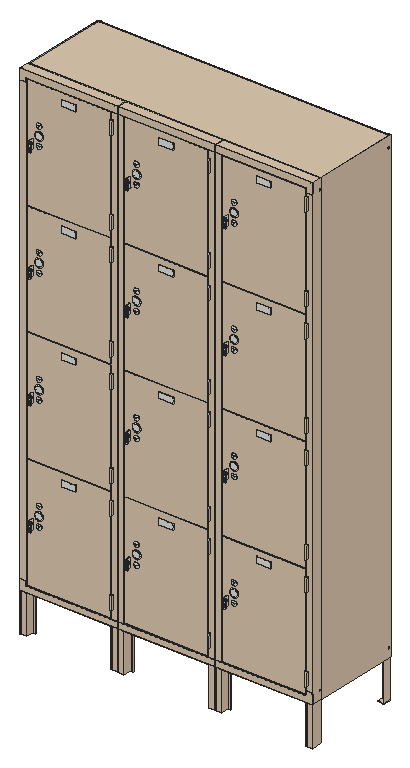
Revit family "Metal_Vented_Lockers-Salsbury_Industries-84000_Series-3_Wide_Units", category Specialty Equipment, Revit 2016
Family settings
  Part Type = Normal
  Round Connector Dimension = Use Diameter
  OmniClass Number = 23.40.00.00
  OmniClass Title = Equipment and Furnishings
  Work Plane-Based = No
  Always vertical = Yes
  Cut with Voids When Loaded = No
  Shared = No
  Room Calculation Point = No
Parameters (values of type "84365 - with Standard 6" High Legs")
  Zee Base Corner - Right Side [instance] = Metal Locker Zee Base Corner : None
  Zee Base Corner - Left Side [instance] = Metal Locker Zee Base Corner : None
  Zee Base - Right Side [instance] = Metal Locker Zee Base-Right Side : None
  Zee Base - Left Side [instance] = Metal Locker Zee Base-Left Side : None
  Zee Base = Metal Locker Zee Base - 3 Wide : None
  Width = 45.040"
  Version = "2.0 (02/28/18)"
  Vent Offset = if(Depth = 15.010", 3.500", if(Depth = 18.010", 3.750", 0.000"))  # 3.500"
  Vent Configuration Height = Vents : 6 foot high vents
  Vent Array Spacing = 1.187"
  Vent Array 2 = if(Depth = 15.010", 7, if(Depth = 18.010", 9, 0))  # 7
  Vent Array 1 = Vent Array 2 + 1  # 8
  Unit Height including Sloping Hood Only [instance] = 80.682"
  Unit Height = 72.000"
  URL = "www.lockers.com"
  Type Comments = "15\" Wide Vented Metal Locker - Four Tier"
  Total Door(s) Height [instance] = 69.81949"
  Sloping Top In-Line Filler - Right Side [instance] = Metal Locker Sloping Top Filler : None
  Sloping Top In-Line Filler - Left Side [instance] = Metal Locker Sloping Top Filler : None
  Sloping Top Corner Filler - Right Side [instance] = Metal Locker Sloping Corner Filler : None
  Sloping Top Corner Filler - Left Side [instance] = Metal Locker Sloping Corner Filler : None
  Sloping Hood Height = if(Depth = 15.010", 8.682", if(Depth = 18.010", 10.739", 0.000"))  # 8.682"
  Sloping Hood [instance] = Metal Locker Sloping Hood : None
  Compartment Divider Height = Individual Door Height - 0.375"  # 16.985"
  Right Side Base [instance] = Metal Locker Right Side Base : None
  Primary Structure Material [instance] = Paint - Salsbury Finish - Tan
  Overall Width including Rivets [instance] = 45.120"
  Unit Height including Base Only [instance] = 78.000"
  Overall Unit Height (including Base and Sloping Hood) [instance] = 86.682"
  OmniClass 23 Title = "Equipment and Furnishings"
  OmniClass 23 Number = "23.40.00.00"
  Model = "84365"
  MasterFormat Title = "Lockers"
  MasterFormat Number = "10 51 13"
  Manufacturer = "Salsbury Industries"
  Left Side Base [instance] = Metal Locker Left Side Base : None
  Individual Door Height = 17.360"
  Hasp Plate Rivet Material = Steel -Salsbury Finish - Polished Steel
  Hasp Handle Material = Plastic - Salsbury Finish - Black
  Front Vertical Filler - Right [instance] = Metal Locker Front Filler : None
  Front Vertical Filler - Left [instance] = Metal Locker Front Filler : None
  Front Base [instance] = Metal Locker Front Base : None
  Flat Top In-Line Filler - Right Side [instance] = Metal Locker Flat Top Filler : None
  Flat Top In-Line Filler - Left Side [instance] = Metal Locker Flat Top Filler : None
  Flat Top Corner Filler - Right Side [instance] = Metal Locker Flat Corner Filler : None
  Flat Top Corner Filler - Left Side [instance] = Metal Locker Flat Corner Filler : None
  Individual Door Width [instance] = 9.90055"
  End Panel - Right Side [instance] = Metal Locker End Panel : None
  End Panel - Left Side [instance] = Metal Locker End Panel : None
  Door Location D1 = Vented Metal Locker Doors-15 inch with Latch Hasp : Four Tier Door - 6 foot
  Description = "3 Wide - 6 Feet High - 15 Inches Deep"
  Depth = 15.010"
  Base Height = 6.000"
  Standard Leg Base = Metal Locker Legs - 3 Wide : 6" High - 45"W x 15"D
  Assembly Code = "C1030310"
Reference planes (in)
  plane 1 "Center (Front/Back)": y = 0
  plane 2: z = 0
  plane 3 "Center (Left/Right)": x = 0
  plane 4 "Floor": z = 0
  plane 5 "Bottom of Unit": z = 6
  plane 6 "Top of Unit": z = 78
  plane 7 "Left Side of Unit": x = -18.02
  plane 8 "Right Side of Unit": x = 27.02
  plane 9 "Back of Unit": y = 7.505
  plane 10 "Front of Unit": y = -7.505
  plane 11 "Top of Sloping Hood": z = 86.682
  plane 12 "Left Rivet": x = -18.06
  plane 13 "Right Rivet": x = 27.06
  plane 14 "Right Side of Door Opening": x = 26.02
  plane 15 "Left Side of Door Opening": x = -17.02
  plane 16 "Top of Door Opening": z = 77
  plane 17 "Bottom of Door Opening": z = 7
  plane 18 "Back Edge of Front Facing": y = -5.917
  plane 19 "Front Plate Plane": y = -7.565
  plane 20 "Horizontal Center of Top Rivets": z = 76.5
  plane 21 "Horiz Center of Bottom Rivets": z = 7.5
  plane 22 "Vertical Center of Back Rivets": y = 7.005
  plane 23 "Vertical Center of Front Rivets": y = -6.255
  plane 24 "Right Align Top Filler Overlap": x = 26.435
  plane 25 "Left Align Top Filler Overlap": x = -17.435
  plane 26 "Corner Filler Align-Left": x = -18.08
  plane 27 "Corner Filler Align-Right": x = 27.08
  plane 28 "Right Side of Door": x = 25.95026
  plane 29 "Top of Door 1": z = 76.90976
  plane 30 "Bottom of Bottom Door": z = 7.09027
  plane 31 "Zee Base Offset": x = -17.669
  plane 32: x = 26.669
  plane 33 "Compartment Align 3": z = 24.985
  plane 34: x = -17.96
  plane 35: x = 26.96
  plane 36: x = -17.635
  plane 37: x = 26.635
  plane 38: y = 7.445
  plane 39: y = 7.395
  plane 40: y = 6.645
  plane 41: x = -17.9
  plane 42: x = 26.9
  plane 43: x = -17.095
  plane 44: x = 26.095
  plane 45: z = 77.94
  plane 46: z = 24.925
  plane 47: z = 23.985
  plane 48: z = 6.9204
  plane 49: z = 6.18539
  plane 50: z = 76.40796
  plane 51: z = 7.59204
  plane 52 "Right Side of Center Unit": x = 12.00667
  plane 53 "Left Side of Center Unit": x = -3.00667
  plane 54: x = 12.98167
  plane 55 "Left Side of Door Opening-Right Door": x = 13.00667
  plane 56: x = 11.03167
  plane 57 "Right Side of Door Opening-Center Door": x = 11.00667
  plane 58 "Right Side of Door - Center Door": x = 10.93667
  plane 59: x = -2.03167
  plane 60 "Left Side of Door Opening - Center Door": x = -2.00667
  plane 61: x = -3.98167
  plane 62 "Right Side of Door Opening - Left Door": x = -4.00667
  plane 63 "Right Side of Door - Left Door": x = -4.07667
  plane 64: z = 23.985
  plane 65 "Top of Door Row 3": z = 24.45027
  plane 66 "Bottom of Door Row 2": z = 24.57576
  plane 67 "Top of Door Row 2": z = 41.93576
  plane 68: z = 42.06276
  plane 69 "Compartment Align 2": z = 42.43527
  plane 70: z = 42.37527
  plane 71: z = 41.43527
  plane 72: z = 53.22076
  plane 73: z = 59.42276
  plane 74: z = 59.54976
  plane 75: z = 58.92076
  plane 76: z = 59.86076
  plane 77 "Compartment Align 1": z = 59.92076
  plane 78: z = 70.70625
  plane 79 "Front Vent Align": y = -4.005
  plane 80: y = -3.635
  plane 81: y = -3.041
  plane 82 "Top Vent Align": z = 73.562
  plane 83: z = 72.81
  plane 84: z = 71.97
Forms (in)
  Sweep 1, solid, material "Paint - Salsbury Finish - Tan" <- "Primary Structure Material"
    path origin (0, -7.505, 0) x (1, 0, 0) y (0, 0, 1)
      loop
        line (12.00667, 78) -> (12.00667, 6) -> (27.02, 6) -> (27.02, 78) -> (12.00667, 78)
    profile origin (19.51333, -7.505, 78) x (0, 0, 1) y (0, -1, 0)
      loop
        line (0, 0) -> (-1, 0) -> (-1, -1.588) -> (0, -1.588) -> (0, 0)
  Extrusion 2, solid, material "Paint - Salsbury Finish - Tan" <- "Primary Structure Material"
    sketch origin (0, 0, 6) x (0, -1, 0) y (1, 0, 0)
      loop
        line (5.917, 27.02) -> (-7.505, 27.02) -> (-7.505, 26.635) -> (-7.445, 26.635) -> (-7.445, 26.96) -> (5.917, 26.96) -> (5.917, 27.02)
    from 0 to 72
  Extrusion 3, solid, material "Paint - Salsbury Finish - Tan" <- "Primary Structure Material"
    sketch origin (0, 0, 6) x (0, -1, 0) y (1, 0, 0)
      loop
        line (5.917, -18.02) -> (5.917, -17.96) -> (-7.445, -17.96) -> (-7.445, -17.635) -> (-7.505, -17.635) -> (-7.505, -18.02) -> (5.917, -18.02)
    from 0 to 72
  Extrusion 4, solid, material "Paint - Salsbury Finish - Tan" <- "Primary Structure Material"
    sketch origin (0, 0, 6) x (0, -1, 0) y (1, 0, 0)
      loop
        line (-7.445, -17.96) -> (-6.645, -17.96) -> (-6.645, -17.9) -> (-7.395, -17.9) -> (-7.395, 26.9) -> (-6.645, 26.9) -> (-6.645, 26.96) -> (-7.445, 26.96) -> (-7.445, -17.96)
    from 0 to 72
  Sweep 5, solid, material "Paint - Salsbury Finish - Tan" <- "Primary Structure Material"
    path origin (0, 0, 7) x (0, -1, 0) y (1, 0, 0)
      loop
        line (5.917, -17.96) -> (5.917, 26.96) -> (-6.645, 26.96) -> (-6.645, 26.9) -> (-7.395, 26.9) -> (-7.395, -17.9) -> (-6.645, -17.9) -> (-6.645, -17.96) -> (5.917, -17.96)
    profile origin (-17.96, 0.364, 7) x (-1, 0, 0) y (0, 0, 1)
      loop
        line (0, -0.81461) -> (0, -0.0796) -> (-0.06, -0.0796) -> (-0.06, -0.81461) -> (0, -0.81461)
  Extrusion 6, solid, material "Paint - Salsbury Finish - Tan" <- "Primary Structure Material"
    sketch origin (0, 0, 7) x (0, -1, 0) y (1, 0, 0)
      loop
        line (-7.395, -17.9) -> (-6.645, -17.9) -> (-6.645, -17.96) -> (5.917, -17.96) -> (5.917, 26.96) -> (-6.645, 26.96) -> (-6.645, 26.9) -> (-7.395, 26.9) -> (-7.395, -17.9)
    from -0.0796 to 0
  Extrusion 7, solid, material "Paint - Salsbury Finish - Tan" <- "Primary Structure Material"
    sketch origin (0, 0, 78) x (0, -1, 0) y (1, 0, 0)
      loop
        line (-7.395, -17.9) -> (-6.645, -17.9) -> (-6.645, -17.96) -> (5.917, -17.96) -> (5.917, 26.96) -> (-6.645, 26.96) -> (-6.645, 26.9) -> (-7.395, 26.9) -> (-7.395, -17.9)
    from -0.06 to 0
  Extrusion 8, solid, material "Paint - Salsbury Finish - Tan" <- "Primary Structure Material"
    sketch origin (0, -7.565, 0) x (0, 0, -1) y (1, 0, 0)
      loop
        line (-78, -18.02) -> (-76.47656, -18.02)
        arc (-76.47656, -18.02) -> (-76.42806, -17.99991) -> (-76.40796, -17.9514) r 0.0686
        line (-76.40796, -17.9514) -> (-76.40796, -17.16351)
        arc (-76.40796, -17.16351) -> (-76.42809, -17.11506) -> (-76.47656, -17.095) r 0.0686
        line (-76.47656, -17.095) -> (-77, -17.095) -> (-77, 26.095) -> (-76.47656, 26.095)
        arc (-76.47656, 26.095) -> (-76.42809, 26.11506) -> (-76.40796, 26.16351) r 0.0686
        line (-76.40796, 26.16351) -> (-76.40796, 26.9514)
        arc (-76.40796, 26.9514) -> (-76.42806, 26.99991) -> (-76.47656, 27.02) r 0.0686
        line (-76.47656, 27.02) -> (-78, 27.02) -> (-78, -18.02)
    from -0.06 to 0
  Extrusion 9, solid, material "Paint - Salsbury Finish - Tan" <- "Primary Structure Material"
    sketch origin (0, -7.565, 84) x (0, 0, 1) y (-1, 0, 0)
      loop
        line (-78, 18.02) -> (-78, -27.02) -> (-76.47656, -27.02)
        arc (-76.47656, -27.02) -> (-76.42806, -26.99991) -> (-76.40796, -26.9514) r 0.0686
        line (-76.40796, -26.9514) -> (-76.40796, -26.16351)
        arc (-76.40796, -26.16351) -> (-76.42809, -26.11506) -> (-76.47656, -26.095) r 0.0686
        line (-76.47656, -26.095) -> (-77, -26.095) -> (-77, 17.095) -> (-76.47656, 17.095)
        arc (-76.47656, 17.095) -> (-76.42809, 17.11506) -> (-76.40796, 17.16351) r 0.0686
        line (-76.40796, 17.16351) -> (-76.40796, 17.9514)
        arc (-76.40796, 17.9514) -> (-76.42806, 17.99991) -> (-76.47656, 18.02) r 0.0686
        line (-76.47656, 18.02) -> (-78, 18.02)
    from -0.06 to 0
  Blend 10, solid, material "Steel -Salsbury Finish - Polished Steel" <- "Hasp Plate Rivet Material"
    base sketch origin (27.02, 0, 0) x (0, 0, -1) y (0, -1, 0)
      loop
        circle (-76.5, 6.255) r 0.187
    top sketch origin (27.02, 0, 0) x (0, 0, -1) y (0, -1, 0)
      loop
        circle (-76.5, 6.255) r 0.05319
    from 0 to -0.04
  Blend 11, solid, material "Steel -Salsbury Finish - Polished Steel" <- "Hasp Plate Rivet Material"
    base sketch origin (27.02, 0, -69) x (0, 0, -1) y (0, -1, 0)
      loop
        circle (-76.5, 6.255) r 0.187
    top sketch origin (27.02, 0, -69) x (0, 0, -1) y (0, -1, 0)
      loop
        circle (-76.5, 6.255) r 0.05319
    from 0 to -0.04
  Blend 12, solid, material "Steel -Salsbury Finish - Polished Steel" <- "Hasp Plate Rivet Material"
    base sketch origin (27.02, 10.26, -69) x (0, 0, -1) y (0, -1, 0)
      loop
        circle (-76.5, 3.255) r 0.187
    top sketch origin (27.02, 10.26, -69) x (0, 0, -1) y (0, -1, 0)
      loop
        circle (-76.5, 3.255) r 0.05319
    from 0 to -0.04
  Blend 13, solid, material "Steel -Salsbury Finish - Polished Steel" <- "Hasp Plate Rivet Material"
    base sketch origin (27.02, 10.26, 0.0043) x (0, 0, -1) y (0, -1, 0)
      loop
        circle (-76.5, 3.255) r 0.187
    top sketch origin (27.02, 10.26, 0.0043) x (0, 0, -1) y (0, -1, 0)
      loop
        circle (-76.5, 3.255) r 0.05319
    from 0 to -0.04
  Blend 14, solid, material "Steel -Salsbury Finish - Polished Steel" <- "Hasp Plate Rivet Material"
    base sketch origin (-6.02, 0, -69) x (0, 0, -1) y (0, 1, 0)
      loop
        circle (-76.5, -6.255) r 0.187
    top sketch origin (-6.02, 0, -69) x (0, 0, -1) y (0, 1, 0)
      loop
        circle (-76.5, -6.255) r 0.05319
    from -12 to -12.04
  Blend 15, solid, material "Steel -Salsbury Finish - Polished Steel" <- "Hasp Plate Rivet Material"
    base sketch origin (-6.02, 10.26, -69) x (0, 0, -1) y (0, 1, 0)
      loop
        circle (-76.5, -3.255) r 0.187
    top sketch origin (-6.02, 10.26, -69) x (0, 0, -1) y (0, 1, 0)
      loop
        circle (-76.5, -3.255) r 0.05319
    from -12 to -12.04
  Blend 16, solid, material "Steel -Salsbury Finish - Polished Steel" <- "Hasp Plate Rivet Material"
    base sketch origin (-6.02, 0, 0) x (0, 0, -1) y (0, 1, 0)
      loop
        circle (-76.5, -6.255) r 0.187
    top sketch origin (-6.02, 0, 0) x (0, 0, -1) y (0, 1, 0)
      loop
        circle (-76.5, -6.255) r 0.05319
    from -12 to -12.04
  Blend 17, solid, material "Steel -Salsbury Finish - Polished Steel" <- "Hasp Plate Rivet Material"
    base sketch origin (-6.02, 10.26, 0.00039) x (0, 0, -1) y (0, 1, 0)
      loop
        circle (-76.5, -3.255) r 0.187
    top sketch origin (-6.02, 10.26, 0.00039) x (0, 0, -1) y (0, 1, 0)
      loop
        circle (-76.5, -3.255) r 0.05319
    from -12 to -12.04
  Extrusion 18, solid, material "Paint - Salsbury Finish - Tan" <- "Primary Structure Material"
    sketch origin (0, 0, 24.985) x (0, -1, 0) y (1, 0, 0)
      loop
        line (-7.395, -17.9) -> (-6.645, -17.9) -> (-6.645, -17.96) -> (5.917, -17.96) -> (5.917, 26.96) -> (-6.645, 26.96) -> (-6.645, 26.9) -> (-7.395, 26.9) -> (-7.395, -17.9)
    from -0.06 to 0
  Sweep 19, solid, material "Paint - Salsbury Finish - Tan" <- "Primary Structure Material"
    path origin (0, 0, 24.985) x (0, -1, 0) y (1, 0, 0)
      loop
        line (5.917, -17.96) -> (5.917, 26.96) -> (-6.645, 26.96) -> (-6.645, 26.9) -> (-7.395, 26.9) -> (-7.395, -17.9) -> (-6.645, -17.9) -> (-6.645, -17.96) -> (5.917, -17.96)
    profile origin (-17.96, 0.364, 24.985) x (-1, 0, 0) y (0, 0, 1)
      loop
        line (0, -1) -> (0, -0.06) -> (-0.06, -0.06) -> (-0.06, -1) -> (0, -1)
  Sweep 20, solid, material "Paint - Salsbury Finish - Tan" <- "Primary Structure Material"
    path origin (-12.01333, -7.505, 0) x (1, 0, 0) y (0, 0, 1)
      loop
        line (9.00667, 78) -> (9.00667, 6) -> (24.02, 6) -> (24.02, 78) -> (9.00667, 78)
    profile origin (4.5, -7.505, 78) x (0, 0, 1) y (0, -1, 0)
      loop
        line (0, 0) -> (-1, 0) -> (-1, -1.588) -> (0, -1.588) -> (0, 0)
  Sweep 21, solid, material "Paint - Salsbury Finish - Tan" <- "Primary Structure Material"
    path origin (-24.02667, -7.505, 0) x (1, 0, 0) y (0, 0, 1)
      loop
        line (6.00667, 78) -> (6.00667, 6) -> (21.02, 6) -> (21.02, 78) -> (6.00667, 78)
    profile origin (-10.51333, -7.505, 78) x (0, 0, 1) y (0, -1, 0)
      loop
        line (0, 0) -> (-1, 0) -> (-1, -1.588) -> (0, -1.588) -> (0, 0)
  Extrusion 22, solid, material "Paint - Salsbury Finish - Tan" <- "Primary Structure Material"
    sketch origin (0, 0, 42.43527) x (0, -1, 0) y (1, 0, 0)
      loop
        line (-7.445, -17.9) -> (-6.645, -17.9) -> (-6.645, -17.96) -> (5.917, -17.96) -> (5.917, 26.96) -> (-6.645, 26.96) -> (-6.645, 26.9) -> (-7.445, 26.9) -> (-7.445, -17.9)
    from -0.06 to 0
  Sweep 23, solid, material "Paint - Salsbury Finish - Tan" <- "Primary Structure Material"
    path origin (0, 0, 42.43527) x (0, -1, 0) y (1, 0, 0)
      loop
        line (5.917, -17.96) -> (5.917, 26.96) -> (-6.645, 26.96) -> (-6.645, 26.9) -> (-7.445, 26.9) -> (-7.445, -17.9) -> (-6.645, -17.9) -> (-6.645, -17.96) -> (5.917, -17.96)
    profile origin (-17.96, 0.364, 42.43527) x (-1, 0, 0) y (0, 0, 1)
      loop
        line (0, -1) -> (0, -0.06) -> (-0.06, -0.06) -> (-0.06, -1) -> (0, -1)
  Extrusion 24, solid, material "Paint - Salsbury Finish - Tan" <- "Primary Structure Material"
    sketch origin (0, 0, 59.92076) x (0, -1, 0) y (1, 0, 0)
      loop
        line (-7.445, -17.9) -> (-6.645, -17.9) -> (-6.645, -17.96) -> (5.917, -17.96) -> (5.917, 26.96) -> (-6.645, 26.96) -> (-6.645, 26.9) -> (-7.445, 26.9) -> (-7.445, -17.9)
    from -0.06 to 0
  Sweep 25, solid, material "Paint - Salsbury Finish - Tan" <- "Primary Structure Material"
    path origin (0, 0, 59.92076) x (0, -1, 0) y (1, 0, 0)
      loop
        line (5.917, -17.96) -> (5.917, 26.96) -> (-6.645, 26.96) -> (-6.645, 26.9) -> (-7.445, 26.9) -> (-7.445, -17.9) -> (-6.645, -17.9) -> (-6.645, -17.96) -> (5.917, -17.96)
    profile origin (-17.96, 0.364, 59.92076) x (-1, 0, 0) y (0, 0, 1)
      loop
        line (0, -1) -> (0, -0.06) -> (-0.06, -0.06) -> (-0.06, -1) -> (0, -1)
Lines and regions (in)
  reference lines
    curve 1: line (-41.59242, -7.565, 78) -> (57.15758, -7.565, 78)
  symbolic lines
    curve 2: line (-18.02, 7.505, 78) -> (27.02, 7.505, 78)
    curve 3: line (-18.02, -7.565, 78) -> (-18.02, 7.505, 78)
    curve 4: line (27.02, -7.565, 78) -> (-18.02, -7.565, 78)
    curve 5: line (27.02, 7.505, 78) -> (27.02, -7.565, 78)
    curve 6: line (-18.06, -6.30819, 78) -> (-18.02, -6.41809, 78)
    curve 7: line (-18.02, -6.08043, 78) -> (-18.06, -6.20181, 78)
    curve 8: line (-18.06, -6.30819, 78) -> (-18.06, -6.20181, 78)
    curve 9: line (-18.06, 6.95181, 78) -> (-18.02, 6.81077, 78)
    curve 10: line (-18.06, 7.05819, 78) -> (-18.02, 7.18474, 78)
    curve 11: line (-18.06, 7.05819, 78) -> (-18.06, 6.95181, 78)
    curve 12: line (27.06, 7.05819, 78) -> (27.02, 7.20747, 78)
    curve 13: line (27.06, 6.95181, 78) -> (27.02, 6.8179, 78)
    curve 14: line (27.06, 7.05819, 78) -> (27.06, 6.95181, 78)
    curve 15: line (27.06, -6.20181, 78) -> (27.02, -6.07098, 78)
    curve 16: line (27.06, -6.30819, 78) -> (27.02, -6.44769, 78)
    curve 17: line (27.06, -6.20181, 78) -> (27.06, -6.30819, 78)
  model lines
    curve 18: line (12.00667, 7.505, 6) -> (12.00667, 7.505, 78)
    curve 19: line (-3.00667, 7.505, 6) -> (-3.00667, 7.505, 78)
    curve 20: line (-3.00667, 7.445, 78) -> (-3.00667, -7.565, 78)
    curve 21: line (12.00667, 7.445, 78) -> (12.00667, -7.565, 78)
Dimensions and locks (in)
  equal spacing: plane 7 "Left Side of Unit", plane 53 "Left Side of Center Unit", plane 52 "Right Side of Center Unit", plane 8 "Right Side of Unit"
  "Width": plane 7 "Left Side of Unit" to plane 8 "Right Side of Unit"
  "Base Height": plane 5 "Bottom of Unit" to plane 4 "Floor"
  "Unit Height": plane 6 "Top of Unit" to plane 5 "Bottom of Unit"
  "Unit Height including Base Only": plane 6 "Top of Unit" to plane 4 "Floor"
  equal spacing: plane 10 "Front of Unit", plane 1 "Center (Front/Back)", plane 9 "Back of Unit"
  "Depth": plane 10 "Front of Unit" to plane 9 "Back of Unit"
  "Sloping Hood Height": plane 11 "Top of Sloping Hood" to plane 6 "Top of Unit"
  "Overall Unit Height (including Base and Sloping Hood)": plane 11 "Top of Sloping Hood" to plane 4 "Floor"
  locked: plane 12 "Left Rivet" to plane 7 "Left Side of Unit" at 0.04
  locked: plane 8 "Right Side of Unit" to plane 13 "Right Rivet" at 0.04
  "Overall Width including Rivets": plane 12 "Left Rivet" to plane 13 "Right Rivet"
  plane 6 "Top of Unit" to plane 16 "Top of Door Opening" to plane 29 "Top of Door 1" to plane 50 = 1.000" locked, 0.09024", 0.5018"
  plane 51 to plane 30 "Bottom of Bottom Door" to plane 17 "Bottom of Door Opening" to plane 5 "Bottom of Unit" = 0.50177", 0.09027", 1.000" locked
  locked: plane 7 "Left Side of Unit" to plane 15 "Left Side of Door Opening" at 1
  plane 28 "Right Side of Door" to plane 14 "Right Side of Door Opening" to plane 8 "Right Side of Unit" = 0.06974", 1.000" locked
  plane 19 "Front Plate Plane" to plane 10 "Front of Unit" to plane 18 "Back Edge of Front Facing" = 0.060" locked, 1.588" locked
  "Unit Height including Sloping Hood Only": plane 11 "Top of Sloping Hood" to plane 5 "Bottom of Unit"
  locked: plane 20 "Horizontal Center of Top Rivets" to plane 6 "Top of Unit" at 1.5
  locked: plane 5 "Bottom of Unit" to plane 21 "Horiz Center of Bottom Rivets" at 1.5
  locked: plane 22 "Vertical Center of Back Rivets" to plane 9 "Back of Unit" at 0.5
  locked: plane 10 "Front of Unit" to plane 23 "Vertical Center of Front Rivets" at 1.25
  locked: plane 24 "Right Align Top Filler Overlap" to plane 13 "Right Rivet" at 0.625
  locked: plane 12 "Left Rivet" to plane 25 "Left Align Top Filler Overlap" at 0.625
  locked: plane 8 "Right Side of Unit" to plane 27 "Corner Filler Align-Right" at 0.06
  locked: plane 26 "Corner Filler Align-Left" to plane 7 "Left Side of Unit" at 0.06
  "Total Door(s) Height": plane 29 "Top of Door 1" to plane 30 "Bottom of Bottom Door"
  plane 7 "Left Side of Unit" to plane 31 "Zee Base Offset" = 0.351"
  plane 32 to plane 8 "Right Side of Unit" = 0.351"
  plane 33 "Compartment Align 3" to plane 46 to plane 64 = 0.060" locked, 0.940" locked
  plane 7 "Left Side of Unit" to plane 34 to plane 41 to plane 36 = 0.060" locked, 0.060" locked, 0.265" locked
  plane 37 to plane 42 to plane 35 to plane 8 "Right Side of Unit" = 0.265" locked, 0.060", 0.060"
  plane 40 to plane 39 to plane 38 to plane 9 "Back of Unit" = 0.750" locked, 0.050", 0.060"
  locked: plane 7 "Left Side of Unit" to plane 43 at 0.925
  locked: plane 44 to plane 8 "Right Side of Unit" at 0.925
  locked: plane 6 "Top of Unit" to plane 45 at 0.06
  plane 46 to plane 47 = 0.940"
  locked: plane 17 "Bottom of Door Opening" to plane 48 at 0.0796
  plane 48 to plane 49 = 0.73501"
  plane 58 "Right Side of Door - Center Door" to plane 57 "Right Side of Door Opening-Center Door" to plane 56 to plane 52 "Right Side of Center Unit" to plane 54 to plane 55 "Left Side of Door Opening-Right Door" = 0.070", 0.025", 0.975", 0.975", 0.025"
  plane 63 "Right Side of Door - Left Door" to plane 62 "Right Side of Door Opening - Left Door" to plane 61 to plane 53 "Left Side of Center Unit" to plane 59 to plane 60 "Left Side of Door Opening - Center Door" = 0.070", 0.025", 0.975", 0.975", 0.025"
  "Individual Door Height": plane 65 "Top of Door Row 3" to plane 30 "Bottom of Bottom Door"
  "Compartment Divider Height": plane 64 to plane 17 "Bottom of Door Opening"
  locked: plane 66 "Bottom of Door Row 2" to plane 65 "Top of Door Row 3" at 0.12549
  "Individual Door Height": plane 67 "Top of Door Row 2" to plane 66 "Bottom of Door Row 2"
  locked: plane 68 to plane 67 "Top of Door Row 2" at 0.127
  plane 69 "Compartment Align 2" to plane 70 to plane 71 = 0.060" locked, 0.940" locked
  "Compartment Divider Height": plane 71 to plane 65 "Top of Door Row 3"
  "Individual Door Height": plane 73 to plane 68
  locked: plane 74 to plane 73 at 0.127
  "Compartment Divider Height": plane 75 to plane 67 "Top of Door Row 2"
  plane 77 "Compartment Align 1" to plane 76 to plane 75 = 0.060" locked, 0.940" locked
  "Vent Offset": plane 10 "Front of Unit" to plane 79 "Front Vent Align"
  plane 79 "Front Vent Align" to plane 80 to plane 81 = 0.370" locked, 0.594" locked
  plane 82 "Top Vent Align" to plane 6 "Top of Unit" = 4.438"
  plane 84 to plane 83 to plane 82 "Top Vent Align" = 0.840", 0.752"
  equal spacing: group 1, group 2, group 3, group 4, group 5, group 6, group 23, group 24  (x3)
  equal spacing: group 7, group 8, group 9, group 10, group 11, group 25, group 26  (x3)
  "Vent Array Spacing": nested 36 to nested 37
  "Vent Array Spacing": nested 35 to nested 42
  equal spacing: group 12, group 13, group 14, group 15, group 16, group 17, group 27, group 28  (x3)
  equal spacing: group 18, group 19, group 20, group 21, group 22, group 29, group 30  (x3)
  "Vent Array Spacing": nested 48 to nested 46
  "Vent Array Spacing": nested 53 to nested 47
  aligned and locked: level to plane 2
  aligned and locked: Extrusion 2 to plane 6 "Top of Unit"
  aligned and locked: Extrusion 3 to plane 6 "Top of Unit"
  aligned and locked: Extrusion 4 to plane 6 "Top of Unit"
  aligned and locked: Extrusion 8 to plane 10 "Front of Unit"
  aligned and locked: Extrusion 9 to plane 10 "Front of Unit"
  aligned and locked: Extrusion 6 to plane 17 "Bottom of Door Opening"
  aligned and locked: plane 4 "Floor" to nested 2
  aligned and locked: plane 5 "Bottom of Unit" to Extrusion 9
  aligned and locked: plane 8 "Right Side of Unit" to nested 6
  aligned and locked: plane 7 "Left Side of Unit" to nested 7
  aligned and locked: Blend 10 to plane 13 "Right Rivet"
  aligned and locked: plane 8 "Right Side of Unit" to Blend 10
  aligned and locked: Blend 15 to plane 7 "Left Side of Unit"
  aligned and locked: Blend 14 to plane 7 "Left Side of Unit"  (x2)
  aligned and locked: plane 12 "Left Rivet" to Blend 14
  aligned and locked: plane 12 "Left Rivet" to Blend 15
  aligned and locked: Blend 14 to plane 12 "Left Rivet"
  aligned and locked: Blend 17 to plane 7 "Left Side of Unit"
  aligned and locked: plane 12 "Left Rivet" to Blend 17
  aligned and locked: Blend 16 to plane 7 "Left Side of Unit"
  aligned and locked: plane 12 "Left Rivet" to Blend 16
  aligned and locked: plane 5 "Bottom of Unit" to nested 10
  aligned and locked: plane 13 "Right Rivet" to nested 10
  aligned and locked: plane 12 "Left Rivet" to nested 11
  aligned and locked: nested 11 to plane 10 "Front of Unit"
  aligned and locked: plane 13 "Right Rivet" to nested 12
  aligned and locked: plane 10 "Front of Unit" to nested 12
  aligned and locked: plane 6 "Top of Unit" to nested 12
  aligned and locked: plane 12 "Left Rivet" to nested 13
  aligned and locked: plane 10 "Front of Unit" to nested 13
  aligned and locked: plane 6 "Top of Unit" to nested 13
  aligned and locked: plane 6 "Top of Unit" to nested 14
  aligned and locked: nested 14 to plane 19 "Front Plate Plane"
  aligned and locked: nested 14 to plane 24 "Right Align Top Filler Overlap"
  aligned and locked: nested 15 to plane 25 "Left Align Top Filler Overlap"
  aligned and locked: nested 15 to plane 19 "Front Plate Plane"
  aligned and locked: nested 10 to nested 15
  aligned and locked: plane 19 "Front Plate Plane" to nested 16
  aligned and locked: plane 6 "Top of Unit" to nested 16
  aligned and locked: nested 17 to plane 6 "Top of Unit"
  aligned and locked: nested 17 to plane 19 "Front Plate Plane"
  aligned and locked: nested 18 to plane 24 "Right Align Top Filler Overlap"
  aligned and locked: nested 18 to plane 19 "Front Plate Plane"
  aligned and locked: plane 16 "Top of Door Opening" to nested 18
  aligned and locked: nested 19 to plane 16 "Top of Door Opening"
  aligned and locked: nested 19 to plane 25 "Left Align Top Filler Overlap"
  aligned and locked: nested 19 to plane 19 "Front Plate Plane"
  aligned and locked: nested 11 to plane 6 "Top of Unit"
  aligned and locked: plane 10 "Front of Unit" to nested 10
  aligned and locked: plane 10 "Front of Unit" to nested 22
  aligned and locked: plane 10 "Front of Unit" to nested 1
  aligned and locked: plane 10 "Front of Unit" to nested 2
  aligned and locked: plane 7 "Left Side of Unit" to nested 17
  aligned and locked: plane 31 "Zee Base Offset" to nested 9
  aligned and locked: plane 18 "Back Edge of Front Facing" to nested 9
  aligned and locked: nested 8 to plane 18 "Back Edge of Front Facing"
  aligned and locked: plane 32 to nested 8
  aligned and locked: nested 21 to curve 1
  aligned and locked: nested 20 to curve 1
  aligned and locked: Sweep 19 sketch curve to Extrusion 18
  aligned and locked: plane 7 "Left Side of Unit" to Extrusion 3
  aligned and locked: Extrusion 3 to plane 9 "Back of Unit"
  aligned and locked: Extrusion 2 to plane 8 "Right Side of Unit"
  aligned and locked: Extrusion 2 to plane 9 "Back of Unit"
  aligned and locked: plane 18 "Back Edge of Front Facing" to Extrusion 3
  aligned and locked: plane 18 "Back Edge of Front Facing" to Extrusion 2
  aligned and locked: plane 34 to Extrusion 3
  aligned and locked: Extrusion 2 to plane 35
  aligned and locked: plane 36 to Extrusion 3
  aligned and locked: plane 37 to Extrusion 2
  aligned and locked: Extrusion 3 to plane 38
  aligned and locked: plane 38 to Extrusion 2
  aligned and locked: Extrusion 4 to plane 38
  aligned and locked: Extrusion 4 to plane 39
  aligned and locked: Extrusion 4 to plane 34
  aligned and locked: plane 40 to Extrusion 4  (x2)
  aligned and locked: plane 41 to Extrusion 4
  aligned and locked: plane 42 to Extrusion 4
  aligned and locked: Extrusion 7 to plane 39
  aligned and locked: plane 41 to Extrusion 7
  aligned and locked: plane 34 to Extrusion 7  (x2)
  aligned and locked: Extrusion 7 to plane 40  (x2)
  aligned and locked: Extrusion 7 to plane 42
  aligned and locked: Extrusion 7 to plane 35  (x2)
  aligned and locked: plane 18 "Back Edge of Front Facing" to Extrusion 7
  aligned and locked: plane 18 "Back Edge of Front Facing" to Extrusion 6
  aligned and locked: Extrusion 6 to plane 39
  aligned and locked: Extrusion 6 to plane 42
  aligned and locked: Extrusion 6 to plane 40  (x2)
  aligned and locked: Extrusion 6 to plane 35
  aligned and locked: plane 41 to Extrusion 6
  aligned and locked: plane 34 to Extrusion 6
  aligned and locked: Sweep 5 to plane 39
  aligned and locked: Sweep 5 to plane 40  (x2)
  aligned and locked: Sweep 5 to plane 42
  aligned and locked: Sweep 5 to plane 35
  aligned and locked: plane 18 "Back Edge of Front Facing" to Sweep 5
  aligned and locked: plane 34 to Sweep 5
  aligned and locked: plane 41 to Sweep 5
  aligned and locked: Sweep 5 sketch curve to plane 41
  aligned and locked: Sweep 5 sketch curve to plane 39
  aligned and locked: plane 40 to Sweep 5 sketch curve  (x2)
  aligned and locked: Sweep 5 sketch curve to plane 34  (x2)
  aligned and locked: plane 42 to Sweep 5 sketch curve
  aligned and locked: plane 35 to Sweep 5 sketch curve
  aligned and locked: Sweep 5 sketch curve to plane 18 "Back Edge of Front Facing"
  aligned and locked: Extrusion 18 to plane 39
  aligned and locked: Extrusion 18 to plane 42
  aligned and locked: Extrusion 18 to plane 40  (x2)
  aligned and locked: Extrusion 18 to plane 35
  aligned and locked: plane 18 "Back Edge of Front Facing" to Extrusion 18
  aligned and locked: plane 34 to Extrusion 18
  aligned and locked: plane 41 to Extrusion 18
  aligned and locked: Sweep 19 sketch curve to plane 39
  aligned and locked: plane 42 to Sweep 19 sketch curve
  aligned and locked: plane 40 to Sweep 19 sketch curve  (x2)
  aligned and locked: plane 35 to Sweep 19 sketch curve
  aligned and locked: Sweep 19 sketch curve to plane 18 "Back Edge of Front Facing"
  aligned and locked: Sweep 19 sketch curve to plane 34  (x2)
  aligned and locked: Sweep 19 sketch curve to plane 41
  aligned and locked: plane 6 "Top of Unit" to Sweep 1 sketch curve  (x2)
  aligned and locked: plane 8 "Right Side of Unit" to Sweep 1 sketch curve
  aligned and locked: Sweep 1 sketch curve to plane 5 "Bottom of Unit"
  aligned and locked: plane 10 "Front of Unit" to Sweep 1
  aligned and locked: Extrusion 8 to plane 19 "Front Plate Plane"
  aligned and locked: plane 10 "Front of Unit" to Extrusion 8
  aligned and locked: Extrusion 8 to plane 8 "Right Side of Unit"
  aligned and locked: plane 7 "Left Side of Unit" to Extrusion 8
  aligned and locked: plane 7 "Left Side of Unit" to Extrusion 9
  aligned and locked: plane 19 "Front Plate Plane" to Extrusion 9
  aligned and locked: Extrusion 9 to plane 8 "Right Side of Unit"
  aligned and locked: plane 43 to Extrusion 9
  aligned and locked: plane 44 to Extrusion 9
  aligned and locked: plane 44 to Extrusion 8
  aligned and locked: Extrusion 8 to plane 43
  aligned and locked: plane 28 "Right Side of Door" to nested 22
  aligned and locked: plane 18 "Back Edge of Front Facing" to Sweep 1 sketch curve
  aligned and locked: Sweep 1 sketch curve to plane 16 "Top of Door Opening"
  aligned and locked: Sweep 1 sketch curve to plane 10 "Front of Unit"
  aligned and locked: plane 5 "Bottom of Unit" to Extrusion 4
  aligned and locked: Extrusion 4 to plane 35
  aligned and locked: plane 5 "Bottom of Unit" to Extrusion 3
  aligned and locked: plane 5 "Bottom of Unit" to Extrusion 2
  aligned and locked: Extrusion 7 to plane 6 "Top of Unit"
  aligned and locked: plane 45 to Extrusion 7
  aligned and locked: Extrusion 18 to plane 33 "Compartment Align 3"
  aligned and locked: Extrusion 18 to plane 46
  aligned and locked: plane 41 to Sweep 19 sketch curve
  aligned and locked: plane 47 to Sweep 19 sketch curve
  aligned and locked: Extrusion 6 to plane 48
  aligned and locked: Sweep 5 to plane 48
  aligned and locked: Sweep 5 sketch curve to plane 49
  aligned and locked: Sweep 5 sketch curve to plane 48
  aligned and locked: plane 41 to Sweep 5 sketch curve
  aligned and locked: plane 50 to Extrusion 8
  aligned and locked: Extrusion 8 to plane 50
  aligned and locked: Extrusion 8 to plane 6 "Top of Unit"
  aligned and locked: plane 16 "Top of Door Opening" to Extrusion 8
  aligned and locked: Extrusion 9 to plane 17 "Bottom of Door Opening"
  aligned and locked: plane 51 to Extrusion 9  (x2)
  aligned and locked: plane 4 "Floor" to nested 1
  aligned and locked: Blend 12 to plane 13 "Right Rivet"
  aligned and locked: plane 8 "Right Side of Unit" to Blend 12
  aligned and locked: plane 8 "Right Side of Unit" to Blend 13
  aligned and locked: Blend 13 to plane 13 "Right Rivet"
  aligned and locked: plane 8 "Right Side of Unit" to Blend 11
  aligned and locked: Blend 11 to plane 13 "Right Rivet"
  aligned and locked: curve 3 to nested 21
  aligned and locked: curve 4 to Extrusion 8
  aligned and locked: curve 5 to Extrusion 8
  aligned and locked: curve 8 to Blend 14
  aligned and locked: curve 11 to Blend 15
  aligned and locked: curve 14 to Blend 12
  aligned and locked: curve 17 to Blend 10
  aligned and locked: plane 7 "Left Side of Unit" to nested 21
  aligned and locked: Sweep 1 sketch curve to plane 52 "Right Side of Center Unit"
  aligned and locked: plane 6 "Top of Unit" to Sweep 20 sketch curve
  aligned and locked: Sweep 20 sketch curve to plane 5 "Bottom of Unit"
  aligned and locked: Sweep 21 sketch curve to plane 5 "Bottom of Unit"
  aligned and locked: plane 53 "Left Side of Center Unit" to Sweep 21 sketch curve
  aligned and locked: Sweep 21 sketch curve to plane 7 "Left Side of Unit"
  aligned and locked: plane 6 "Top of Unit" to Sweep 21 sketch curve
  aligned and locked: Sweep 20 sketch curve to plane 53 "Left Side of Center Unit"
  aligned and locked: plane 52 "Right Side of Center Unit" to Sweep 20 sketch curve
  aligned and locked: plane 10 "Front of Unit" to nested 24
  aligned and locked: plane 18 "Back Edge of Front Facing" to Sweep 20 sketch curve
  aligned and locked: Sweep 20 sketch curve to plane 16 "Top of Door Opening"
  aligned and locked: profile plane to Sweep 20 sketch curve
  aligned and locked: Sweep 20 sketch curve to profile plane
  aligned and locked: profile plane to Sweep 21 sketch curve
  aligned and locked: plane 18 "Back Edge of Front Facing" to Sweep 21 sketch curve
  aligned and locked: Sweep 21 sketch curve to plane 16 "Top of Door Opening"
  aligned and locked: Sweep 21 sketch curve to profile plane
  aligned and locked: plane 58 "Right Side of Door - Center Door" to nested 23
  aligned and locked: plane 63 "Right Side of Door - Left Door" to nested 24
  aligned and locked: nested 23 to plane 30 "Bottom of Bottom Door"
  aligned and locked: nested 24 to plane 30 "Bottom of Bottom Door"
  aligned and locked: plane 4 "Floor" to nested 5
  aligned and locked: plane 9 "Back of Unit" to nested 6
  aligned and locked: plane 9 "Back of Unit" to nested 7
  aligned and locked: plane 52 "Right Side of Center Unit" to curve 18
  aligned and locked: plane 53 "Left Side of Center Unit" to curve 19
  aligned and locked: plane 5 "Bottom of Unit" to curve 19
  aligned and locked: plane 5 "Bottom of Unit" to curve 18
  aligned and locked: plane 6 "Top of Unit" to curve 18
  aligned and locked: plane 6 "Top of Unit" to curve 19
  aligned and locked: curve 20 to Extrusion 4
  aligned and locked: curve 20 to Sweep 21
  aligned and locked: curve 21 to Sweep 20
  aligned and locked: Extrusion 4 to curve 21
  aligned and locked: Extrusion 8 to curve 20
  aligned and locked: plane 6 "Top of Unit" to nested 25
  aligned and locked: plane 19 "Front Plate Plane" to nested 25
  aligned and locked: plane 10 "Front of Unit" to nested 23
  aligned and locked: nested 22 to plane 30 "Bottom of Bottom Door"
  aligned and locked: Sweep 19 to plane 64
  aligned and locked: nested 26 to plane 66 "Bottom of Door Row 2"
  aligned and locked: nested 27 to plane 66 "Bottom of Door Row 2"
  aligned and locked: nested 28 to plane 66 "Bottom of Door Row 2"
  aligned and locked: plane 28 "Right Side of Door" to nested 26
  aligned and locked: plane 58 "Right Side of Door - Center Door" to nested 27
  aligned and locked: plane 63 "Right Side of Door - Left Door" to nested 28
  aligned and locked: plane 10 "Front of Unit" to nested 26
  aligned and locked: plane 10 "Front of Unit" to nested 27
  aligned and locked: plane 10 "Front of Unit" to nested 28
  aligned and locked: plane 68 to nested 29
  aligned and locked: nested 30 to plane 68
  aligned and locked: nested 31 to plane 68
  aligned and locked: Extrusion 22 to Sweep 23 sketch curve
  aligned and locked: plane 70 to Extrusion 22
  aligned and locked: Extrusion 22 to plane 69 "Compartment Align 2"
  aligned and locked: Sweep 23 sketch curve to plane 71
  aligned and locked: plane 28 "Right Side of Door" to nested 29
  aligned and locked: plane 58 "Right Side of Door - Center Door" to nested 30
  aligned and locked: plane 63 "Right Side of Door - Left Door" to nested 31
  aligned and locked: plane 10 "Front of Unit" to nested 29
  aligned and locked: plane 10 "Front of Unit" to nested 30
  aligned and locked: plane 10 "Front of Unit" to nested 31
  aligned and locked: Sweep 23 to Extrusion 22  (x2)
  aligned and locked: plane 18 "Back Edge of Front Facing" to Extrusion 22
  aligned and locked: Extrusion 22 to nested 5
  aligned and locked: Extrusion 22 to Sweep 23  (x2)
  aligned and locked: Sweep 23 sketch curve to plane 18 "Back Edge of Front Facing"
  aligned and locked: plane 35 to Sweep 23 sketch curve
  aligned and locked: plane 42 to Sweep 23 sketch curve
  aligned and locked: Sweep 23 sketch curve to plane 34
  aligned and locked: Sweep 23 sketch curve to plane 41
  aligned and locked: Sweep 23 sketch curve to plane 38
  aligned and locked: plane 74 to nested 32
  aligned and locked: nested 33 to plane 74
  aligned and locked: nested 34 to plane 74
  aligned and locked: plane 28 "Right Side of Door" to nested 32
  aligned and locked: plane 58 "Right Side of Door - Center Door" to nested 33
  aligned and locked: plane 63 "Right Side of Door - Left Door" to nested 34
  aligned and locked: plane 10 "Front of Unit" to nested 32
  aligned and locked: plane 10 "Front of Unit" to nested 33
  aligned and locked: plane 10 "Front of Unit" to nested 34
  aligned and locked: Extrusion 24 to Sweep 25 sketch curve
  aligned and locked: Sweep 25 to Extrusion 24  (x2)
  aligned and locked: Extrusion 24 to Sweep 25  (x2)
  aligned and locked: Extrusion 24 to plane 77 "Compartment Align 1"
  aligned and locked: plane 76 to Extrusion 24
  aligned and locked: Extrusion 24 to plane 38
  aligned and locked: plane 18 "Back Edge of Front Facing" to Extrusion 24
  aligned and locked: plane 41 to Extrusion 24
  aligned and locked: Extrusion 24 to plane 42
  aligned and locked: Extrusion 24 to plane 35
  aligned and locked: Sweep 25 sketch curve to plane 34
  aligned and locked: Sweep 25 sketch curve to plane 41
  aligned and locked: Sweep 25 sketch curve to plane 18 "Back Edge of Front Facing"
  aligned and locked: plane 35 to Sweep 25 sketch curve
  aligned and locked: plane 42 to Sweep 25 sketch curve
  aligned and locked: Sweep 25 sketch curve to plane 38
  aligned and locked: Sweep 25 sketch curve to plane 75
  aligned and locked: Extrusion 24 sketch curve to plane 40  (x2)
  aligned and locked: plane 40 to Sweep 25 sketch curve  (x2)
  aligned and locked: Extrusion 22 sketch curve to plane 38
  aligned and locked: Extrusion 22 sketch curve to plane 40  (x2)
  aligned and locked: plane 40 to Sweep 23 sketch curve  (x2)
  aligned and locked: Extrusion 18 sketch curve to plane 39
  aligned and locked: Extrusion 18 sketch curve to plane 40  (x2)
  aligned and locked: plane 9 "Back of Unit" to curve 2
  aligned and locked: nested 36 to plane 8 "Right Side of Unit"
  aligned and locked: nested 35 to plane 8 "Right Side of Unit"
  aligned and locked: plane 84 to nested 36
  aligned and locked: nested 36 to plane 80
  aligned and locked: plane 83 to nested 35
  aligned and locked: nested 35 to plane 81
  aligned and locked: nested 45 to plane 8 "Right Side of Unit"
  aligned and locked: nested 41 to plane 8 "Right Side of Unit"
  aligned and locked: plane 83 to nested 45
  aligned and locked: plane 84 to nested 41
  aligned and locked: nested 47 to plane 7 "Left Side of Unit"
  aligned and locked: nested 46 to plane 7 "Left Side of Unit"
  aligned and locked: nested 46 to plane 84
  aligned and locked: plane 80 to nested 46
  aligned and locked: nested 47 to plane 83
  aligned and locked: plane 81 to nested 47
  aligned and locked: nested 56 to plane 7 "Left Side of Unit"
  aligned and locked: nested 52 to plane 7 "Left Side of Unit"
  aligned and locked: nested 56 to plane 83
  aligned and locked: nested 52 to plane 84
  aligned and locked: plane 8 "Right Side of Unit" to nested 1
  aligned and locked: plane 8 "Right Side of Unit" to nested 20
  aligned and locked: plane 8 "Right Side of Unit" to nested 16
  aligned and locked: plane 7 "Left Side of Unit" to nested 4
  aligned and locked: plane 8 "Right Side of Unit" to nested 3
  aligned and locked: nested 66 to plane 14 "Right Side of Door Opening"
  aligned and locked: nested 2 to plane 57 "Right Side of Door Opening-Center Door"
  aligned and locked: nested 65 to plane 62 "Right Side of Door Opening - Left Door"
  aligned and locked: plane 4 "Floor" to nested 65
  aligned and locked: plane 4 "Floor" to nested 66
  aligned and locked: plane 10 "Front of Unit" to nested 66
  aligned and locked: plane 10 "Front of Unit" to nested 65
  aligned and locked: nested 25 to plane 8 "Right Side of Unit"
Automatic sketch dimensions
  Extrusion 2 sketch curve to plane 8 "Right Side of Unit" = 0.000"
  plane 9 "Back of Unit" to Extrusion 2 sketch curve = 0.000"
  Extrusion 2 sketch curve to plane 37 = 0.000"
  plane 38 to Extrusion 2 sketch curve = 0.000"
  plane 18 "Back Edge of Front Facing" to Extrusion 2 sketch curve = 0.000"
  Extrusion 2 sketch curve to plane 35 = 0.000"
  Extrusion 3 sketch curve to plane 7 "Left Side of Unit" = 0.000"
  plane 9 "Back of Unit" to Extrusion 3 sketch curve = 0.000"
  Extrusion 3 sketch curve to plane 36 = 0.000"
  Extrusion 3 sketch curve to plane 38 = 0.000"
  plane 18 "Back Edge of Front Facing" to Extrusion 3 sketch curve = 0.000"
  Extrusion 3 sketch curve to plane 34 = 0.000"
  Extrusion 4 sketch curve to plane 34 = 0.000"
  Extrusion 4 sketch curve to plane 38 = 0.000"
  Extrusion 4 sketch curve to plane 39 = 0.000"
  plane 40 to Extrusion 4 sketch curve = 0.000"
  Extrusion 4 sketch curve to plane 40 = 0.000"
  Extrusion 4 sketch curve to plane 41 = 0.000"
  Extrusion 4 sketch curve to plane 42 = 0.000"
  Extrusion 4 sketch curve to plane 35 = 0.000"
  Extrusion 6 sketch curve to plane 39 = 0.000"
  Extrusion 6 sketch curve to plane 34 = 0.000"
  Extrusion 6 sketch curve to plane 40 = 0.000"
  plane 40 to Extrusion 6 sketch curve = 0.000"
  plane 18 "Back Edge of Front Facing" to Extrusion 6 sketch curve = 0.000"
  Extrusion 6 sketch curve to plane 41 = 0.000"
  Extrusion 6 sketch curve to plane 42 = 0.000"
  Extrusion 6 sketch curve to plane 35 = 0.000"
  Extrusion 7 sketch curve to plane 39 = 0.000"
  Extrusion 7 sketch curve to plane 34 = 0.000"
  Extrusion 7 sketch curve to plane 40 = 0.000"
  plane 40 to Extrusion 7 sketch curve = 0.000"
  plane 18 "Back Edge of Front Facing" to Extrusion 7 sketch curve = 0.000"
  Extrusion 7 sketch curve to plane 41 = 0.000"
  Extrusion 7 sketch curve to plane 42 = 0.000"
  Extrusion 7 sketch curve to plane 35 = 0.000"
  Extrusion 8 sketch curve to plane 6 "Top of Unit" = 0.000"
  Extrusion 8 sketch curve to plane 16 "Top of Door Opening" = 0.000"
  plane 43 to Extrusion 8 sketch curve = 0.000"
  plane 7 "Left Side of Unit" to Extrusion 8 sketch curve = 0.000"
  plane 44 to Extrusion 8 sketch curve = 0.000"
  plane 8 "Right Side of Unit" to Extrusion 8 sketch curve = 0.000"
  Extrusion 8 sketch curve to plane 50 = 0.000"  (x2)
  plane 20 "Horizontal Center of Top Rivets" to Extrusion 8 sketch curve = 0.02344"  (x4)
  Extrusion 8 sketch curve to Extrusion 8 sketch curve = 0.0686"
  Extrusion 8 sketch curve to plane 44 = 0.06851"
  Extrusion 9 sketch curve to plane 5 "Bottom of Unit" = 0.000"
  Extrusion 9 sketch curve to plane 17 "Bottom of Door Opening" = 0.000"
  plane 43 to Extrusion 9 sketch curve = 0.000"
  plane 7 "Left Side of Unit" to Extrusion 9 sketch curve = 0.000"
  plane 44 to Extrusion 9 sketch curve = 0.000"
  plane 8 "Right Side of Unit" to Extrusion 9 sketch curve = 0.000"
  Extrusion 9 sketch curve to plane 51 = 0.000"  (x2)
  plane 21 "Horiz Center of Bottom Rivets" to Extrusion 9 sketch curve = 0.02344"  (x4)
  Extrusion 9 sketch curve to Extrusion 9 sketch curve = 0.0686"
  plane 44 to Extrusion 9 sketch curve = 0.06851"
  plane 20 "Horizontal Center of Top Rivets" to Blend 10 sketch curve = 0.000"  (x2)
  Blend 10 sketch curve to plane 23 "Vertical Center of Front Rivets" = 0.000"  (x2)
  plane 21 "Horiz Center of Bottom Rivets" to Blend 11 sketch curve = 0.000"  (x2)
  Blend 11 sketch curve to plane 23 "Vertical Center of Front Rivets" = 0.000"  (x2)
  plane 21 "Horiz Center of Bottom Rivets" to Blend 12 sketch curve = 0.000"  (x2)
  Blend 12 sketch curve to plane 22 "Vertical Center of Back Rivets" = 0.000"  (x2)
  Blend 13 sketch curve to plane 22 "Vertical Center of Back Rivets" = 0.000"  (x2)
  Blend 13 sketch curve to plane 20 "Horizontal Center of Top Rivets" = 0.0043"  (x2)
  plane 21 "Horiz Center of Bottom Rivets" to Blend 14 sketch curve = 0.000"  (x2)
  Blend 14 sketch curve to plane 23 "Vertical Center of Front Rivets" = 0.000"  (x2)
  plane 21 "Horiz Center of Bottom Rivets" to Blend 15 sketch curve = 0.000"  (x2)
  Blend 15 sketch curve to plane 22 "Vertical Center of Back Rivets" = 0.000"  (x2)
  plane 20 "Horizontal Center of Top Rivets" to Blend 16 sketch curve = 0.000"  (x2)
  Blend 16 sketch curve to plane 23 "Vertical Center of Front Rivets" = 0.000"  (x2)
  Blend 17 sketch curve to plane 22 "Vertical Center of Back Rivets" = 0.000"  (x2)
  Blend 17 sketch curve to plane 20 "Horizontal Center of Top Rivets" = 0.00039"  (x2)
  plane 19 "Front Plate Plane" to curve 1 = 0.000"
  plane 26 "Corner Filler Align-Left" to curve 1 = 23.51242"
  curve 1 to plane 27 "Corner Filler Align-Right" = 30.07758"
  Extrusion 18 sketch curve to plane 34 = 0.000"
  plane 18 "Back Edge of Front Facing" to Extrusion 18 sketch curve = 0.000"
  Extrusion 18 sketch curve to plane 41 = 0.000"
  Extrusion 18 sketch curve to plane 42 = 0.000"
  Extrusion 18 sketch curve to plane 35 = 0.000"
  curve 11 to plane 22 "Vertical Center of Back Rivets" = 0.05319"
  curve 14 to plane 22 "Vertical Center of Back Rivets" = 0.05319"
  plane 22 "Vertical Center of Back Rivets" to curve 13 = 0.05319"
  plane 22 "Vertical Center of Back Rivets" to curve 9 = 0.05319"
  curve 15 to plane 23 "Vertical Center of Front Rivets" = 0.05319"
  curve 8 to plane 23 "Vertical Center of Front Rivets" = 0.05319"
  plane 23 "Vertical Center of Front Rivets" to curve 6 = 0.05319"
  plane 23 "Vertical Center of Front Rivets" to curve 16 = 0.05319"
  curve 12 to curve 12 = 0.14928"
  curve 10 to curve 10 = 0.12655"
  curve 13 to curve 13 = 0.13391"
  curve 9 to curve 9 = 0.14104"
  curve 15 to curve 15 = 0.13083"
  curve 7 to curve 7 = 0.12138"
  curve 6 to curve 6 = 0.1099"
  curve 16 to curve 16 = 0.1395"
  Extrusion 22 sketch curve to plane 34 = 0.000"
  plane 18 "Back Edge of Front Facing" to Extrusion 22 sketch curve = 0.000"
  Extrusion 22 sketch curve to plane 41 = 0.000"
  Extrusion 22 sketch curve to plane 42 = 0.000"
  Extrusion 22 sketch curve to plane 35 = 0.000"
  Sweep 23 sketch curve to profile plane = 0.000"
  profile plane to Sweep 23 sketch curve = 0.060"
  Sweep 25 sketch curve to profile plane = 0.000"
  profile plane to Sweep 25 sketch curve = 0.060"
  Extrusion 24 sketch curve to plane 39 = 0.050"
  Extrusion 24 sketch curve to plane 34 = 0.000"
  Extrusion 24 sketch curve to plane 18 "Back Edge of Front Facing" = 0.000"
  Extrusion 24 sketch curve to plane 41 = 0.000"
  plane 42 to Extrusion 24 sketch curve = 0.000"
  Extrusion 24 sketch curve to plane 35 = 0.000"
  radius of Blend 10 sketch curve = 0.187"
  radius of Blend 10 sketch curve = 0.05319"
  radius of Blend 11 sketch curve = 0.187"
  radius of Blend 11 sketch curve = 0.05319"
  radius of Blend 12 sketch curve = 0.187"
  radius of Blend 12 sketch curve = 0.05319"
  radius of Blend 13 sketch curve = 0.187"
  radius of Blend 13 sketch curve = 0.05319"
  radius of Blend 14 sketch curve = 0.187"
  radius of Blend 14 sketch curve = 0.05319"
  radius of Blend 15 sketch curve = 0.187"
  radius of Blend 15 sketch curve = 0.05319"
  radius of Blend 16 sketch curve = 0.187"
  radius of Blend 16 sketch curve = 0.05319"
  radius of Blend 17 sketch curve = 0.187"
  radius of Blend 17 sketch curve = 0.05319"
Nested families (in)
  nested 1: "Metal Locker Legs - 3 Wide" at (4.5, 0, 0), type <- "Standard Leg Base", type "6" High - 45"W x 15"D"
  nested 2: "Metal Locker Front Base" at (5.98667, -1.5, 0), type <- "Front Base", type "None"
  nested 3: "Metal Locker Right Side Base" at (21, 0.794, 0), type <- "Right Side Base", type "None"
  nested 4: "Metal Locker Left Side Base" at (-22.79, 0.794, 0), type <- "Left Side Base", type "None"
  nested 5: "Metal Locker Zee Base - 3 Wide" at (0, 0, 0), type <- "Zee Base", type "None"
  nested 6: "Metal Locker Zee Base-Right Side" at (21.03, 2.324, 0), type <- "Zee Base - Right Side", type "None"
  nested 7: "Metal Locker Zee Base-Left Side" at (-20.01, 2.324, 0), type <- "Zee Base - Left Side", type "None"
  nested 8: "Metal Locker Zee Base Corner" at (27.669, -6.917, 0), type <- "Zee Base Corner - Right Side", type "None"
  nested 9: "Metal Locker Zee Base Corner" at (-18.669, -6.917, 0) x (-1, 0, 0) z (0, 0, 1), type <- "Zee Base Corner - Left Side", type "None"
  nested 10: "Metal Locker End Panel" at (31.1925, 0.667, 6), type <- "End Panel - Right Side", type "None"
  nested 11: "Metal Locker End Panel" at (-22.1925, 0.667, 6) x (-1, 0, 0) z (0, 0, 1), type <- "End Panel - Left Side", type "None"
  nested 12: "Metal Locker Front Filler" at (39.155, -4.588, 0), type <- "Front Vertical Filler - Right", type "None"
  nested 13: "Metal Locker Front Filler" at (-20.965, -4.588, 0), type <- "Front Vertical Filler - Left", type "None"
  nested 14: "Metal Locker Flat Top Filler" at (39.155, 0.613, 77.045), type <- "Flat Top In-Line Filler - Right Side", type "None"
  nested 15: "Metal Locker Flat Top Filler" at (-20.965, 0.613, 77.045), type <- "Flat Top In-Line Filler - Left Side", type "None"
  nested 16: "Metal Locker Flat Corner Filler" at (37.3025, 0.2895, 78), type <- "Flat Top Corner Filler - Right Side", type "None"
  nested 17: "Metal Locker Flat Corner Filler" at (-28.3025, 0.2895, 78) x (-1, 0, 0) z (0, 0, 1), type <- "Flat Top Corner Filler - Left Side", type "None"
  nested 18: "Metal Locker Sloping Top Filler" at (39.155, 0.613, 78.028), type <- "Sloping Top In-Line Filler - Right Side", type "None"
  nested 19: "Metal Locker Sloping Top Filler" at (-20.965, 0.613, 78.028), type <- "Sloping Top In-Line Filler - Left Side", type "None"
  nested 20: "Metal Locker Sloping Corner Filler" at (34.9095, -4.9375, 77.71202) x (0, -1, 0) z (0, 0, 1), type <- "Sloping Top Corner Filler - Right Side", type "None"
  nested 21: "Metal Locker Sloping Corner Filler" at (-19.1475, 1.8245, 77.71223), type <- "Sloping Top Corner Filler - Left Side", type "None"
  nested 22: "Vented Metal Locker Doors-15 inch with Latch Hasp" at (19.49976, -7.055, 7.09027), type <- "Door Location D1", type "Four Tier Door - 6 foot"
  nested 23: "Vented Metal Locker Doors-15 inch with Latch Hasp" at (4.48617, -7.055, 7.09027), type <- "Door Location D1", type "Four Tier Door - 6 foot"
  nested 24: "Vented Metal Locker Doors-15 inch with Latch Hasp" at (-10.52717, -7.055, 7.09027), type <- "Door Location D1", type "Four Tier Door - 6 foot"
  nested 25: "Metal Locker Sloping Hood" at (25.615, 0.637, 78), type <- "Sloping Hood", type "None"
  nested 26: "Vented Metal Locker Doors-15 inch with Latch Hasp" at (19.49976, -7.055, 24.57576), type <- "Door Location D1", type "Four Tier Door - 6 foot"
  nested 27: "Vented Metal Locker Doors-15 inch with Latch Hasp" at (4.48617, -7.055, 24.57576), type <- "Door Location D1", type "Four Tier Door - 6 foot"
  nested 28: "Vented Metal Locker Doors-15 inch with Latch Hasp" at (-10.52717, -7.055, 24.57576), type <- "Door Location D1", type "Four Tier Door - 6 foot"
  nested 29: "Vented Metal Locker Doors-15 inch with Latch Hasp" at (19.49976, -7.055, 42.06276), type <- "Door Location D1", type "Four Tier Door - 6 foot"
  nested 30: "Vented Metal Locker Doors-15 inch with Latch Hasp" at (4.48617, -7.055, 42.06276), type <- "Door Location D1", type "Four Tier Door - 6 foot"
  nested 31: "Vented Metal Locker Doors-15 inch with Latch Hasp" at (-10.52717, -7.055, 42.06276), type <- "Door Location D1", type "Four Tier Door - 6 foot"
  nested 32: "Vented Metal Locker Doors-15 inch with Latch Hasp" at (19.49976, -7.055, 59.54976), type <- "Door Location D1", type "Four Tier Door - 6 foot"
  nested 33: "Vented Metal Locker Doors-15 inch with Latch Hasp" at (4.48617, -7.055, 59.54976), type <- "Door Location D1", type "Four Tier Door - 6 foot"
  nested 34: "Vented Metal Locker Doors-15 inch with Latch Hasp" at (-10.52717, -7.055, 59.54976), type <- "Door Location D1", type "Four Tier Door - 6 foot"
  nested 35: "Vents" at (27.02, -3.041, 5.80051) x (0, 1, 0) z (0, 0, 1), type <- "Vent Configuration Height", type "6 foot high vents"
  nested 36: "Vents" at (27.02, -3.635, 4.96051) x (0, 1, 0) z (0, 0, 1), type <- "Vent Configuration Height", type "6 foot high vents"
  nested 37: "Vents" at (27.02, -2.448, 4.96051) x (0, 1, 0) z (0, 0, 1), type <- "Vent Configuration Height", type "6 foot high vents"
  nested 38: "Vents" at (27.02, -1.261, 4.96051) x (0, 1, 0) z (0, 0, 1), type <- "Vent Configuration Height", type "6 foot high vents"
  nested 39: "Vents" at (27.02, -0.074, 4.96051) x (0, 1, 0) z (0, 0, 1), type <- "Vent Configuration Height", type "6 foot high vents"
  nested 40: "Vents" at (27.02, 1.113, 4.96051) x (0, 1, 0) z (0, 0, 1), type <- "Vent Configuration Height", type "6 foot high vents"
  nested 41: "Vents" at (27.02, 2.3, 4.96051) x (0, 1, 0) z (0, 0, 1), type <- "Vent Configuration Height", type "6 foot high vents"
  nested 42: "Vents" at (27.02, -1.854, 5.80051) x (0, 1, 0) z (0, 0, 1), type <- "Vent Configuration Height", type "6 foot high vents"
  nested 43: "Vents" at (27.02, -0.667, 5.80051) x (0, 1, 0) z (0, 0, 1), type <- "Vent Configuration Height", type "6 foot high vents"
  nested 44: "Vents" at (27.02, 0.52, 5.80051) x (0, 1, 0) z (0, 0, 1), type <- "Vent Configuration Height", type "6 foot high vents"
  nested 45: "Vents" at (27.02, 1.707, 5.80051) x (0, 1, 0) z (0, 0, 1), type <- "Vent Configuration Height", type "6 foot high vents"
  nested 46: "Vents" at (-18.02, -3.635, 4.96051) x (0, 1, 0) z (0, 0, 1), type <- "Vent Configuration Height", type "6 foot high vents"
  nested 47: "Vents" at (-18.02, -3.041, 5.80051) x (0, 1, 0) z (0, 0, 1), type <- "Vent Configuration Height", type "6 foot high vents"
  nested 48: "Vents" at (-18.02, -2.448, 4.96051) x (0, 1, 0) z (0, 0, 1), type <- "Vent Configuration Height", type "6 foot high vents"
  nested 49: "Vents" at (-18.02, -1.261, 4.96051) x (0, 1, 0) z (0, 0, 1), type <- "Vent Configuration Height", type "6 foot high vents"
  nested 50: "Vents" at (-18.02, -0.074, 4.96051) x (0, 1, 0) z (0, 0, 1), type <- "Vent Configuration Height", type "6 foot high vents"
  nested 51: "Vents" at (-18.02, 1.113, 4.96051) x (0, 1, 0) z (0, 0, 1), type <- "Vent Configuration Height", type "6 foot high vents"
  nested 52: "Vents" at (-18.02, 2.3, 4.96051) x (0, 1, 0) z (0, 0, 1), type <- "Vent Configuration Height", type "6 foot high vents"
  nested 53: "Vents" at (-18.02, -1.854, 5.80051) x (0, 1, 0) z (0, 0, 1), type <- "Vent Configuration Height", type "6 foot high vents"
  nested 54: "Vents" at (-18.02, -0.667, 5.80051) x (0, 1, 0) z (0, 0, 1), type <- "Vent Configuration Height", type "6 foot high vents"
  nested 55: "Vents" at (-18.02, 0.52, 5.80051) x (0, 1, 0) z (0, 0, 1), type <- "Vent Configuration Height", type "6 foot high vents"
  nested 56: "Vents" at (-18.02, 1.707, 5.80051) x (0, 1, 0) z (0, 0, 1), type <- "Vent Configuration Height", type "6 foot high vents"
  nested 57: "Vents" at (27.02, 3.487, 4.96051) x (0, 1, 0) z (0, 0, 1), type <- "Vent Configuration Height", type "6 foot high vents"
  nested 58: "Vents" at (27.02, 4.674, 4.96051) x (0, 1, 0) z (0, 0, 1), type <- "Vent Configuration Height", type "6 foot high vents"
  nested 59: "Vents" at (27.02, 2.894, 5.80051) x (0, 1, 0) z (0, 0, 1), type <- "Vent Configuration Height", type "6 foot high vents"
  nested 60: "Vents" at (27.02, 4.081, 5.80051) x (0, 1, 0) z (0, 0, 1), type <- "Vent Configuration Height", type "6 foot high vents"
  nested 61: "Vents" at (-18.02, 3.487, 4.96051) x (0, 1, 0) z (0, 0, 1), type <- "Vent Configuration Height", type "6 foot high vents"
  nested 62: "Vents" at (-18.02, 4.674, 4.96051) x (0, 1, 0) z (0, 0, 1), type <- "Vent Configuration Height", type "6 foot high vents"
  nested 63: "Vents" at (-18.02, 2.894, 5.80051) x (0, 1, 0) z (0, 0, 1), type <- "Vent Configuration Height", type "6 foot high vents"
  nested 64: "Vents" at (-18.02, 4.081, 5.80051) x (0, 1, 0) z (0, 0, 1), type <- "Vent Configuration Height", type "6 foot high vents"
